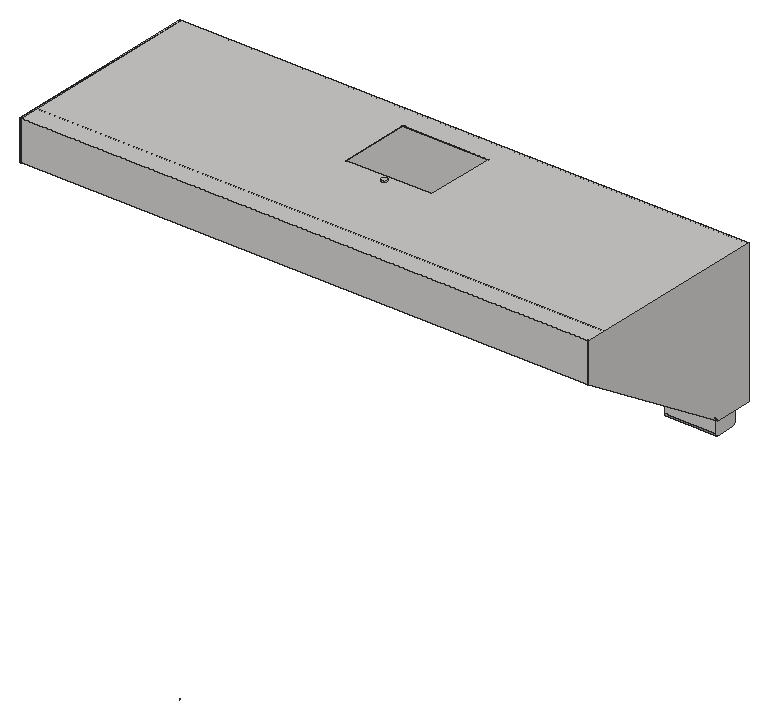
Revit family "QF_ELECTROLUXPROFESSIONAL_644201_AMPV720DT", category Attrezzature speciali, Revit 2021
Family settings
  Quota connettore circolare = Usa diametro
  Tipo di parte = Normale
  Basato su piano di lavoro = No
  Sempre verticale = Sì
  Taglio con vuoti quando caricato = No
  Condiviso = No
  Punto di calcolo locali = No
Parameters (values of type "Standard")
  Weight = 56.00 kg
  Watts = 420 W
  Volts = 220 V
  URL Manufacturer = "https://www.electroluxprofessional.com/"
  URL = "https://www.electroluxprofessional.com/"
  Steam Supply Size = 0 mm
  Steam Supply Minimum Pressure = 0.0 Pa
  Steam Supply Maximum Pressure = 0.0 Pa
  Steam Consumption per Hour = 0
  Refrigeration Suction Line Size = 0 mm
  Refrigeration Liquid Line Size = 0 mm
  Refrigerant Compressor Remote = yes
  Prospetto di default = 0 mm
  Produttore = "Electrolux Professional"
  Phase = 1
  Modello = "AMPV720DT"
  Length Actual = 2000 mm  # constant formula
  Item Number = "644201"
  Hot Water Size = 0 mm
  Height Actual = 500 mm  # constant formula
  HP = "0.6 HP"
  Gas Size = 0 mm
  Gas KW = 0
  Gas Input Pressure = 0 W
  Direct Waste Size = 0 mm
  Descrizione = "304 S/S WALL HOOD+FILTERS+FAN 2000X700MM"
  Depth Actual = 700 mm  # constant formula
  Cycle = 50 Hz
  Condensate Return Size = 0 mm
  Compressed Air Volume = 0.0 L/s
  Compressed Air Size = 0 mm
  Compressed Air Pressure = 0.0 Pa
  Cold Water Size = 0 mm
  Accessory = yes
Reference planes
  plane 1: z = 0
  plane 2 "Center (Left/Right)": x = 150
  plane 3 "LEFT": x = -850
  plane 4 "RIGHT": x = 1150
  plane 5 "BACK": y = 550
  plane 6 "Plane": z = 2000
  plane 7 "TOP": z = 2140
  plane 8 "Base": z = 1640
  plane 9: z = 1566
  plane 10 "DrainY": y = 485
  plane 11: x = -847
  plane 12: through (0, 414.509, 1640.8) normal (0, 0.7314, 0.682)
  plane 13: y = 470
  plane 14: y = 220
  plane 15 "DrainX": x = 1030
  plane 16: x = 0
  plane 17: x = 300
  plane 18: x = 1147
  plane 19: x = 940
  plane 20: x = -810
  plane 21: x = 1110
  plane 22: x = -47.5
  plane 23: x = 347.5
  plane 24 "Center (Front/Back)": y = 200
  plane 25 "Front": y = -150
Forms (mm)
  Extrusion 1, solid, material "QF_Finishes_Stainless Steel"
    sketch origin (-850, 0, 0) x (0, 1, 0) y (0, 0, 1)
      loop
        line (550, 1640) -> (550, 2140) -> (-150, 2140) -> (-150, 1999.112) -> (413.973, 1640) -> (550, 1640)
    from 0 to 3
  Extrusion 2, solid, material "QF_Finishes_Stainless Steel"
    sketch origin (150, 0, 0) x (0, 1, 0) y (0, 0, 1)
      loop
        line (415.255, 1640) -> (550, 1640) -> (550, 2139.19) -> (549.2, 2139.19) -> (549.2, 1640.8) -> (415.876, 1640.8) -> (339.347, 1722.867) -> (349.609, 1732.436) -> (348.927, 1733.167) -> (337.934, 1722.917) -> (415.255, 1640)
      loop
        line (-82.203, 2139.19) -> (-82.203, 2118.6) -> (-31.047, 2118.6) -> (34.354, 2048.466) -> (46.028, 2059.352) -> (45.346, 2060.083) -> (34.403, 2049.879) -> (-30.612, 2119.6) -> (-81.203, 2119.6) -> (-81.203, 2139.19) -> (-82.203, 2139.19)
    from -997 to 997
  Extrusion 3, solid, material "QF_Finishes_Stainless Steel"
    sketch origin (1150, 0, 0) x (0, 1, 0) y (0, 0, 1)
      loop
        line (550, 1640) -> (550, 2140) -> (-150, 2140) -> (-150, 1999.112) -> (413.973, 1640) -> (550, 1640)
    from 0 to -3
  Extrusion 4, solid, material "QF_Finishes_Stainless Steel"
    sketch origin (150, 0, 0) x (0, 1, 0) y (0, 0, 1)
      loop
        line (-150, 2140) -> (-150, 2000) -> (-149.2, 2000) -> (-149.2, 2139.19) -> (550, 2139.19) -> (550, 2140) -> (-150, 2140)
    from -1000 to 1000
  Extrusion 5, solid, material "QF_Finishes_Stainless Steel"
    sketch origin (1030, 0, 0) x (0, 1, 0) y (0, 0, 1)
      loop
        line (534, 1640) -> (436, 1640) -> (436, 1627) -> (443.5, 1627) -> (443.5, 1576)
        arc (443.5, 1576) -> (446.429, 1568.929) -> (453.5, 1566) r 10
        line (453.5, 1566) -> (516.5, 1566)
        arc (516.5, 1566) -> (523.571, 1568.929) -> (526.5, 1576) r 10
        line (526.5, 1576) -> (526.5, 1627) -> (534, 1627) -> (534, 1640)
    from -90 to 90
  Extrusion 6, solid, material "QF_Finishes_Stainless Steel"
    sketch origin (0, 0, 1640) x (0, 1, 0) y (-1, 0, 0)
      loop
        circle (485, -1030) r 20
    from -76 to -74
  Extrusion 7, solid, material "QF_Finished_Chrome"
    sketch origin (150, 0, 0) x (0, 1, 0) y (0, 0, 1)
      loop
        line (337.934, 1722.917) -> (341.591, 1726.327) -> (38.011, 2051.876) -> (34.354, 2048.466) -> (337.934, 1722.917)
    from -197.5 to -960
  Extrusion 8, solid, material "QF_Finishes_Stainless Steel"
    sketch origin (150, 0, 0) x (0, 1, 0) y (0, 0, 1)
      loop
        line (337.934, 1722.917) -> (341.591, 1726.327) -> (38.011, 2051.876) -> (34.354, 2048.466) -> (337.934, 1722.917)
    from 997 to 960
  Extrusion 9, solid, material "QF_Finished_Chrome"
    sketch origin (150, 0, 0) x (0, 1, 0) y (0, 0, 1)
      loop
        line (341.588, 1726.324) -> (38.009, 2051.874) -> (34.354, 2048.466) -> (337.934, 1722.917) -> (341.588, 1726.324)
    from 197.5 to 960
  Extrusion 10, void
    sketch origin (0, 0, 2140) x (0, 1, 0) y (-1, 0, 0)
      loop
        line (470, -300) -> (470, 0) -> (220, 0) -> (220, -300) -> (470, -300)
    from 0 to -10
  Extrusion 11, solid, material "QF_Finishes_Stainless Steel"
    sketch origin (0, 0, 0) x (1, 0, 0) y (0, 1, 0)
      loop
        line (-850, 550) -> (-850, 549) -> (-849, 549) -> (-849, 550) -> (-850, 550)
    from 0 to 1
  Extrusion 12, solid, material "QF_Finishes_Stainless Steel"
    sketch origin (150, 0, 0) x (0, 1, 0) y (0, 0, 1)
      loop
        line (337.934, 1722.917) -> (341.591, 1726.327) -> (38.011, 2051.876) -> (34.354, 2048.466) -> (337.934, 1722.917)
    from -960 to -997
  Extrusion 13, solid, material "QF_Finishes_Stainless Steel"
    sketch origin (150, 0, 0) x (0, 1, 0) y (0, 0, 1)
      loop
        line (337.934, 1722.917) -> (341.591, 1726.327) -> (38.011, 2051.876) -> (34.354, 2048.466) -> (337.934, 1722.917)
    from 197.5 to -197.5
  Extrusion 14, solid, material "QF_Finishes_Stainless Steel"
    sketch origin (0, 0, 2140) x (0, 1, 0) y (-1, 0, 0)
      loop
        circle (200, -150) r 10
    from 0 to 2
Cuts and joins
  Extrusion 10 cuts Extrusion 4
  joined: Extrusion 2, Extrusion 4
Lines and regions (mm)
  reference lines
    curve 1: line (150, 34.354, 2048.466) -> (150, 34.354, 1888.466)
  symbolic lines, style "SpecialityEquipment", detail levels coarse
    curve 2: line (1150, 550, 2140) -> (-850, 550, 2140)
    curve 3: line (-850, 550, 2140) -> (-850, -150, 2140)
    curve 4: line (1150, -150, 2140) -> (1150, 550, 2140)
    curve 5: line (-850, -150, 2140) -> (1150, -150, 2140)
    curve 6: line (300, 220, 2140) -> (0, 220, 2140)
    curve 7: line (300, 470, 2140) -> (300, 220, 2140)
    curve 8: line (0, 470, 2140) -> (300, 470, 2140)
    curve 9: line (0, 220, 2140) -> (0, 470, 2140)
  symbolic lines, detail levels coarse
    curve 10: line (-850, -150, 2140) -> (1150, 550, 2140)
    curve 11: line (-850, 550, 2140) -> (1150, -150, 2140)
Dimensions and locks
  plane 3 "LEFT" to plane 4 "RIGHT" = 2000 mm
  equal spacing: plane 3 "LEFT", plane 2 "Center (Left/Right)", plane 4 "RIGHT"
  locked: plane 6 "Plane" to level at 2000
  plane 7 "TOP" to plane 6 "Plane" = 140 mm
  locked: plane 7 "TOP" to plane 8 "Base" at 500
  plane 8 "Base" to plane 9 = 74 mm
  plane 5 "BACK" to plane 10 "DrainY" = 65 mm  (x2)
  plane 3 "LEFT" to plane 11 = 3 mm
  plane 5 "BACK" to plane 13 = 80 mm
  plane 13 to plane 14 = 250 mm  (x2)
  plane 15 "DrainX" to plane 4 "RIGHT" = 120 mm
  plane 18 to plane 4 "RIGHT" = 3 mm
  locked: plane 19 to plane 15 "DrainX" at 90
  plane 13 to plane 5 "BACK" = 80 mm
  locked: plane 3 "LEFT" to plane 20 at 40
  locked: plane 21 to plane 4 "RIGHT" at 40
  locked: plane 22 to plane 23 at 395
  equal spacing: plane 22, plane 2 "Center (Left/Right)", plane 23
  locked: plane 16 to plane 17 at 300
  equal spacing: plane 16, plane 2 "Center (Left/Right)", plane 17
  locked: plane 5 "BACK" to plane 25 "Front" at 700
  equal spacing: plane 5 "BACK", plane 24 "Center (Front/Back)", plane 25 "Front"
  plane 5 "BACK" to plane 25 "Front" = 700 mm
  aligned and locked: level to plane 1
  aligned and locked: Extrusion 2 to Extrusion 1
  aligned and locked: Extrusion 2 to Extrusion 3
  aligned and locked: plane 4 "RIGHT" to Extrusion 4
  aligned and locked: Extrusion 4 to plane 3 "LEFT"
  aligned and locked: plane 18 to Extrusion 8
  aligned and locked: Extrusion 10 to plane 16
  aligned and locked: Extrusion 10 to plane 14
  aligned and locked: Extrusion 10 to plane 13
  aligned and locked: Extrusion 2 to Extrusion 4
  aligned and locked: Extrusion 5 to plane 19
  aligned and locked: Extrusion 8 to plane 21
  aligned and locked: Extrusion 9 to plane 21
  aligned and locked: Extrusion 7 to plane 20
  aligned and locked: Extrusion 12 to plane 11
  aligned and locked: plane 20 to Extrusion 12
  aligned and locked: Extrusion 3 to plane 18
  aligned and locked: Extrusion 10 to plane 17
  aligned and locked: plane 17 to curve 7
  aligned and locked: plane 23 to Extrusion 13
  aligned and locked: Extrusion 13 to plane 22
  aligned and locked: Extrusion 9 to plane 23
Automatic sketch dimensions
  Extrusion 2 sketch curve to plane 12 = 0 mm  (x3)
  Extrusion 2 sketch curve to plane 8 "Base" = 0 mm
  plane 12 to Extrusion 2 sketch curve = 0 mm
  Extrusion 2 sketch curve to plane 5 "BACK" = 0 mm
  Extrusion 2 sketch curve to Extrusion 2 sketch curve = 65.646 mm
  Extrusion 2 sketch curve to Extrusion 2 sketch curve = 0.682 mm  (x2)
  Extrusion 2 sketch curve to Extrusion 2 sketch curve = 10.261 mm
  plane 8 "Base" to Extrusion 2 sketch curve = 82.917 mm
  Extrusion 2 sketch curve to Extrusion 2 sketch curve = 10.942 mm
  Extrusion 2 sketch curve to Extrusion 2 sketch curve = 0.049 mm
  Extrusion 2 sketch curve to plane 7 "TOP" = 20.4 mm
  Extrusion 2 sketch curve to plane 7 "TOP" = 21.4 mm
  Extrusion 2 sketch curve to plane 7 "TOP" = 0.81 mm  (x2)
  Extrusion 2 sketch curve to Extrusion 2 sketch curve = 50.156 mm
  Extrusion 2 sketch curve to Extrusion 2 sketch curve = 1 mm
  plane 8 "Base" to Extrusion 2 sketch curve = 0.8 mm
  Extrusion 2 sketch curve to plane 5 "BACK" = 0.8 mm
  Extrusion 3 sketch curve to plane 8 "Base" = 0 mm
  Extrusion 3 sketch curve to plane 5 "BACK" = 0 mm
  Extrusion 3 sketch curve to plane 7 "TOP" = 0 mm
  plane 13 to Extrusion 3 sketch curve = 56.027 mm
  Extrusion 3 sketch curve to plane 6 "Plane" = 0.888 mm
  Extrusion 4 sketch curve to plane 6 "Plane" = 0 mm
  Extrusion 4 sketch curve to plane 5 "BACK" = 0 mm
  Extrusion 4 sketch curve to plane 7 "TOP" = 0 mm
  Extrusion 4 sketch curve to plane 7 "TOP" = 0.81 mm
  curve 1 to plane 12 = 0 mm
  curve 1 to plane 6 "Plane" = 111.534 mm
  Extrusion 6 sketch curve to plane 10 "DrainY" = 0 mm
  Extrusion 6 sketch curve to plane 15 "DrainX" = 0 mm
  Extrusion 7 sketch curve to plane 12 = 0 mm  (x2)
  Extrusion 7 sketch curve to Extrusion 7 sketch curve = 3.657 mm
  plane 8 "Base" to Extrusion 7 sketch curve = 82.917 mm
  Extrusion 8 sketch curve to plane 12 = 0 mm  (x2)
  Extrusion 8 sketch curve to Extrusion 8 sketch curve = 3.657 mm
  plane 8 "Base" to Extrusion 8 sketch curve = 82.917 mm
  Extrusion 9 sketch curve to plane 12 = 0 mm  (x2)
  Extrusion 9 sketch curve to Extrusion 9 sketch curve = 3.655 mm
  plane 8 "Base" to Extrusion 9 sketch curve = 82.917 mm
  Extrusion 10 sketch curve to plane 14 = 0 mm
  plane 13 to Extrusion 10 sketch curve = 0 mm
  Extrusion 10 sketch curve to plane 17 = 0 mm
  Extrusion 10 sketch curve to plane 16 = 0 mm
  Extrusion 11 sketch curve to plane 3 "LEFT" = 0 mm
  Extrusion 11 sketch curve to plane 5 "BACK" = 0 mm
  plane 3 "LEFT" to Extrusion 11 sketch curve = 1 mm
  Extrusion 11 sketch curve to Extrusion 11 sketch curve = 1 mm
  Extrusion 12 sketch curve to plane 12 = 0 mm  (x2)
  Extrusion 12 sketch curve to Extrusion 12 sketch curve = 3.657 mm
  plane 8 "Base" to Extrusion 12 sketch curve = 82.917 mm
  Extrusion 13 sketch curve to plane 12 = 0 mm  (x2)
  Extrusion 13 sketch curve to Extrusion 13 sketch curve = 3.657 mm
  plane 8 "Base" to Extrusion 13 sketch curve = 82.917 mm
  Extrusion 4 sketch curve to Extrusion 4 sketch curve = 0.8 mm
  plane 6 "Plane" to Extrusion 2 sketch curve = 48.466 mm
  Extrusion 3 sketch curve to plane 14 = 370 mm
  Extrusion 4 sketch curve to plane 14 = 369.2 mm
  curve 1 to plane 14 = 185.646 mm
  plane 6 "Plane" to Extrusion 7 sketch curve = 51.876 mm
  plane 6 "Plane" to Extrusion 8 sketch curve = 51.876 mm
  plane 6 "Plane" to Extrusion 9 sketch curve = 51.874 mm
  plane 6 "Plane" to Extrusion 12 sketch curve = 51.876 mm
  plane 6 "Plane" to Extrusion 13 sketch curve = 51.876 mm
  Extrusion 1 sketch curve to plane 25 "Front" = 0 mm
  Extrusion 1 sketch curve to plane 8 "Base" = 0 mm
  Extrusion 1 sketch curve to plane 5 "BACK" = 0 mm
  Extrusion 1 sketch curve to plane 7 "TOP" = 0 mm
  plane 13 to Extrusion 1 sketch curve = 56.027 mm
  Extrusion 1 sketch curve to plane 6 "Plane" = 0.888 mm
  Extrusion 14 sketch curve to plane 2 "Center (Left/Right)" = 0 mm
  Extrusion 14 sketch curve to plane 24 "Center (Front/Back)" = 0 mm
  curve 10 to plane 3 "LEFT" = 0 mm
  curve 10 to plane 25 "Front" = 0 mm
  curve 7 to plane 14 = 0 mm
  plane 13 to curve 7 = 0 mm
  curve 3 to plane 5 "BACK" = 0 mm
  curve 2 to plane 4 "RIGHT" = 0 mm
  curve 6 to plane 16 = 0 mm
  Extrusion 5 sketch curve to plane 8 "Base" = 0 mm
  Extrusion 5 sketch curve to plane 9 = 0 mm
  Extrusion 5 sketch curve to plane 8 "Base" = 13 mm  (x2)
  plane 13 to Extrusion 5 sketch curve = 34 mm
  Extrusion 5 sketch curve to Extrusion 5 sketch curve = 7.5 mm  (x2)
  Extrusion 5 sketch curve to Extrusion 5 sketch curve = 10 mm
  plane 10 "DrainY" to Extrusion 5 sketch curve = 31.5 mm
  Extrusion 5 sketch curve to plane 5 "BACK" = 23.5 mm
  radius of Extrusion 6 sketch curve = 20 mm
  radius of Extrusion 14 sketch curve = 10 mm
Connectors
  piping at (1030, 485, 1564), diameter 20
    settings: on Extrusion 6, index 1, connector inside diameter 609.6 mm, connector length 0 mm, flow factor 0, pipe flow 0.0 L/s, pressure drop 0.0 Pa, fitting loss kfactor 0, connector angle 0.00°, fixture units 0, engagement length 0 mm, angle of deflection 0.00°, flow configuration 1, flow direction 2, fitting loss method 0, system type 16, joint type 0, gender type 0, connector reference index -1, connector utility 0, adjustable connector no, is connector primary yes, connector description "Drain"
  hvac at (150, 345, 2140)
    settings: on Extrusion 10, index 2, duct flow 0.0 L/s, flow factor 0, pres drop 0.0 Pa, loss coef 0, conn angle 0.00°, conn width 250 mm, conn height 300 mm, conn diameter 609.6 mm, duct sys type 3, conn prof type 1, flow config 0, flow direction 2, loss method 0, conn ref index -1, conn util no, is conn primary yes, conn desc "EXHAUST OUTLET"
  electrical at (150, 200, 2142), driven by "Volts"
    settings: on Extrusion 14, index 3, voltage 220 V, apparent load 0 VA, apparent load phase1 0 VA, apparent load phase2 0 VA, apparent load phase3 0 VA, power factor 1, load classification "Other", number of poles 1, system type 30, power factor state 1, is connector primary yes, connector utility no, sub classification motor no, connector description "Electrical Connection"
